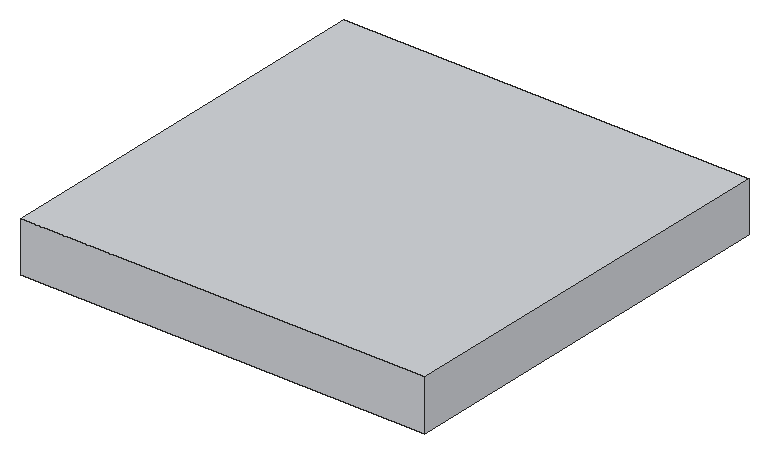
Revit family "05-E147-Z5-CL", category Luminarias, Revit 2017
Family settings
  Anfitrión = Cara
  Cota de conector redondo = Diámetro de uso
  Tipo de pieza = Normal
  Número OmniClass = 23.80.70.00
  Título OmniClass = Lighting
  Corte con vacíos al cargar = No
  Origen de luz = No
  Compartido = Sí
  Punto de cálculo de habitación = No
Parameters (values of type "05-E147-Z5-CL")
  Versión = "v1"
  Vatios (W) = 7.8
  Tipo de regulación = ""
  Tipo = "Empotrable de pared"
  Tender text (English) = "LEDS C4\nTiny Large\n05-E147-Z5-CL\n\nWall recessed for outdoor use. \n\nFor frontal lighting and downlighting. Cable meters included: 2. Structure material: Aluminium. Structure finish: Urban grey. Diffuser material: Glass. Diffuser finish: Sandblasted. UV protection. Warranty: 5 Years. Ta max: 50ºC.\n\nProduct net weight (Kg): 0.810\nProduct length (mm): 60\nProduct width or diameter (mm): 165\nProduct height (mm): 38\nProduct aperture (mm): 2.5\n\nClass 1. IP: IP65. IK: IK10. LED. No. of lampholders or LEDs: 39. LED brand: BRIDGELUX. Driver brand: HEP. Maximum power of light source: 5.9W. Colour temperature: LED warm-white 3000K. Colour rendering index: 80. MacAdam Steps: 3. Maximum diameter of luminaire bulb: 50.000h L80B20. UGR:  21.1. Photobiological risk: RG1. Real flux (lm): 74. Lm/Real W: 9. Voltage and frequency range: 220-240/50-60Hz. Voltage: 3. Gear included: Yes, electronic. Total power: 7.8. Power factor: 0.50."
  Tender text (Castellano) = "LEDS C4\nTiny Large\n05-E147-Z5-CL\n\nEmpotrado de pared de uso exterior para iluminar frontalmente y hacia abajo. \nMetros cable incluido: 2. Material estructura: Aluminio. Acabado estructura: Gris urbano. Material difusor: Cristal. Acabado difusor: Arenado. Protección contra los rayos ultravioleta. Garantía: 5 Años. Ta max: 50ºC.\n\nPeso neto del producto (Kg): 0.810\nLongitud del producto (mm): 60\nAnchura o diámetro del producto (mm): 165\nAltura del producto (mm): 38\nSalida del producto (mm): 2.5\n\nClase 1. IP: IP65. IK: IK10. LED. Nº de portalámparas o Leds: 39. Marca del LED: BRIDGELUX. Marca del Driver: HEP. Potencia máxima de la fuente de luz: 5.9W. Temperatura de color: Blanco cálido - 3000K. Índice de reproducción cromática: 80. Steps Mac Adam: 3. Diámetro máximo de la bombilla que admite la luminaria: 50.000h L80B20. UGR:  21.1. Riesgo fotobiológico: RG1. Flujo real (lm): 74. Lm/W reales: 9. Rango de voltaje/frecuencia: 220-240/50-60Hz. Voltaje: 3. Equipo incluido: Si, electrónico. Potencia total: 7.8. Factor de potencia: 0.50."
  Temperatura color led (K) = "Blanco cálido - 3000K"
  Referencia = "05-E147-Z5-CL"
  Rayo de luz = "Check Photometric file"
  Producto descatalogado = "Catalogado ES"
  Pluma comercial = ""
  Peso neto (KG) = 0.81
  Material = "Aluminio, Cristal"
  Lumenes reales (lm) = 74
  LDT = "http://files.leds-c4.com/ldt/05-E147-Z5-CL.html"
  Imagen web = "http://files.leds-c4.com/main-photo/05-E147-Z5-CL"
  IfcExportType = "NOTDEFINED"
  IfcExportAs = "IfcLightFixture\r\nIfcLightFixture"
  IP = "IP65"
  IMC = "http://files.leds-c4.com/imc/05-E147-Z5-CL.html"
  IK = "IK10"
  Fuente de luz = ""
  Fotometría = "http://files.leds-c4.com/fm/05-E147-Z5-CL.html"
  Ficha = "http://files.leds-c4.com/ft/es/05-E147-Z5-CL.html"
  FechaVersion = "Julio 2020"
  Familia = "Tiny Large"
  Fabricante = "LEDS C4"
  Etiqueta V/f = "220-240V/50-60Hz"
  Elevación por defecto = 1000 mm
  Eficiencia energética = "LED A++"
  EAN13 = "8435575319639"
  DescripcionUniformat2010 = "Lighting"
  DescripcionUniclass2015 = "Lighting"
  DescripcionOmniclass = "Lighting"
  DescripcionGubimclass = "Iluminación interior"
  CodigoUniformat2010 = "D5040"
  CodigoUniclass2015 = "EF_70_80"
  CodigoOmniclass = "21-04 50 40"
  CodigoGubimclass = "50.60.50.20"
  Catálogo = "Outdoor"
  Carga aparente = 0 VA
  CRI = 80
  Acabado = "Gris urbano, Arenado"
Types (2, lengths in mm): name | Lumenes reales (lm) | CRI
  (no name) | 0 | 0
  05-E147-Z5-CL | 74 | 80
Values of the unnamed type that differ from the named types
  Vatios (W) = 0
  Tipo = ""
  Tender text (English) = ""
  Tender text (Castellano) = ""
  Temperatura color led (K) = ""
  Referencia = ""
  Rayo de luz = ""
  Producto descatalogado = ""
  Peso neto (KG) = 0
  Material = ""
  LDT = ""
  Imagen web = ""
  IP = ""
  IMC = ""
  IK = ""
  Fotometría = ""
  Ficha = ""
  Familia = ""
  Etiqueta V/f = ""
  Eficiencia energética = ""
  EAN13 = ""
  Catálogo = ""
  Acabado = ""
Reference planes
  plane 1 "Centro (Frontal/Posterior)": y = 0
  plane 2: z = 0
  plane 3 "Centro (Izquierda/Derecha)": x = 0
  plane 4 "Elevación de origen de luz": z = 0
  plane 5 "Eje de origen de luz (F/P)": y = 0
  plane 6 "Eje de origen de luz (I/D)": x = 0
Forms (mm)
  Extrusion 1, solid
    sketch origin (0, 0, 0) x (1, 0, 0) y (0, 1, 0)
      loop
        line (-1219.2, 1219.2) -> (-1219.2, -1219.2) -> (1219.2, -1219.2) -> (1219.2, 1219.2) -> (-1219.2, 1219.2)
    from 0 to -304.8
Dimensions and locks
  aligned and locked: plane 2 to Extrusion 1
  aligned and locked: level to Extrusion 1
Nested families
  nested 1: "Luz anidada" at (10.537, 0, 10.683), type "Tipo1"
Connectors
  electrical at (0, 0, 0)
    settings: on Extrusion 1, index 1, voltage 0 V, apparent load 0 VA, apparent load phase1 0 VA, apparent load phase2 0 VA, apparent load phase3 0 VA, power factor 1, load classification "Otro", number of poles 1, system type 31, power factor state 1, is connector primary yes, connector utility no, sub classification motor no, connector description ""
Definition of nested family "Luz anidada"
  Parameters (values of type "Tipo1")
    Tilt Angle = 46.5225°
    Wattage = 7.8 W
    Tipo de regulación = ""
    Tipo = ""
    Tender text = ""
    built-in parameter 1150110 = 1 (stored number, unit not read)
    Pluma comercial = ""
    Material = ""
    Imagen = ""
    IP = ""
    IMC = ""
    IK = ""
    Fotometría = ""
    Ficha = ""
    Familia = ""
    Estado en catálogo = ""
    Peso neto = ""
    Lamp = ""
    built-in parameter 1114217 = 1 (stored number, unit not read)
    built-in parameter 1150109 = 1 (stored number, unit not read)
    Etiqueta vf = ""
    Eficiencia energética = ""
    EAN13 = ""
    built-in parameter 1150134 = (empty or 0)
    built-in parameter 1150113 = 1 (stored number, unit not read)
    Lumens = 2391 lm
    built-in parameter 1150115 = 1 (stored number, unit not read)
    built-in parameter 1150105 = 109.82 (stored number, unit not read)
    built-in parameter 1150137 = (empty or 0)
    built-in parameter 1150139 = (empty or 0)
    built-in parameter 1150112 = 1 (stored number, unit not read)
    built-in parameter 1150114 = 1 (stored number, unit not read)
    built-in parameter 1150132 = (empty or 0)
    built-in parameter 1150102 = (empty or 0)
    built-in parameter 1150138 = (empty or 0)
    built-in parameter 1150107 = 3000 (stored number, unit not read)
    built-in parameter 1150106 = 1.0982 (stored number, unit not read)
    built-in parameter 1150104 = 0.88139 (stored number, unit not read)
    Catálogo = ""
    Dimming Lamp Color Temperature Shift = (empty or 0)
    Color Filter = 16777215
    built-in parameter 1114218 = 1 (stored number, unit not read)
    CRI = 0
    Photometric Web File = "05-E147-Z5-CL.ies"
    Acabado = ""
    built-in parameter 1150133 = 10 (stored number, unit not read)
  Types (2, lengths in mm): name | Tilt Angle
    (no name) | 27.7717°
    Tipo1 | 46.5225°
  Values of the unnamed type that differ from the named types
    Wattage = 4.1 W
    built-in parameter 1150104 = 3.8294 (stored number, unit not read)
  Reference planes
    plane 1 "Eje de origen de luz (F/P)": y = 0
    plane 2: z = 0
    plane 3 "Eje de origen de luz (I/D)": x = 0
    plane 4 "Elevación de origen de luz": z = 0
  Dimensions and locks
    aligned and locked: plane 3 "Eje de origen de luz (I/D)" to imposter light
    aligned and locked: plane 1 "Eje de origen de luz (F/P)" to imposter light
    aligned and locked: plane 4 "Elevación de origen de luz" to imposter light
    aligned and locked: level to plane 2
